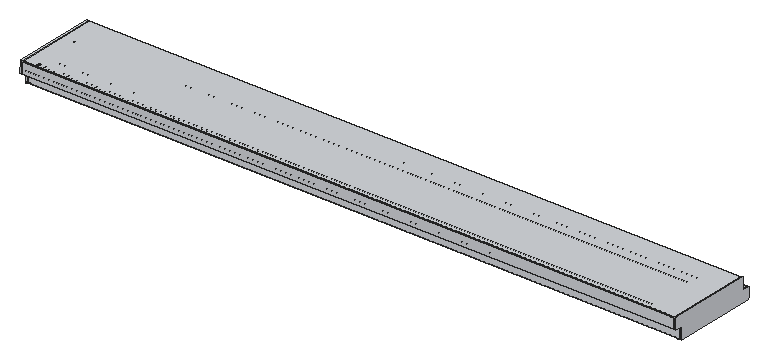
Revit family "135 HI SPAN LOUVRE BLADE-END FIXED", category Generic Models, Revit 2018
Family settings
  Can host rebar = No
  Round Connector Dimension = Use Diameter
  Part Type = Normal
  Work Plane-Based = No
  Always vertical = Yes
  Cut with Voids When Loaded = No
  Shared = No
  Room Calculation Point = No
Parameters
  PITCH [instance] = 0.00°
  M1 [instance] = LENGTH / 2 * cos(PITCH)  # 500 mm
  LOUVRE ANGLE [instance] = 0.00°
  LENGTH [instance] = 1000 mm
  END CAP [instance] = none
  135 HI SPAN LOUVRE BLADE [instance] = none
Reference planes
  plane 1 "Center (Front/Back)": y = 0
  plane 2: z = 0
  plane 3 "Center (Left/Right)": x = 0
  plane 4: x = 500
Lines and regions (mm)
  reference lines
    curve 1: line (0, 0, 0) -> (1000, 0, 0)
    curve 2: line (1000, 0, 26.476) -> (1000, 0, -13.524)
    curve 3: line (0, 0, -7.002) -> (0, 0, 6.998)
    curve 4: line (500, 0, 28.495) -> (500, 0, -31.505)
Dimensions and locks
  "LENGTH": curve 2 to curve 3
  "M1": plane 4 to plane 3 "Center (Left/Right)"
  "LENGTH": curve 1 to curve 1
  equal spacing: curve 2, curve 4, curve 3
  "PITCH": angle level to curve 1
  aligned and locked: level to plane 2
  aligned and locked: plane 3 "Center (Left/Right)" to curve 1
  aligned and locked: plane 2 to curve 1
Automatic sketch dimensions
  curve 1 to curve 3 = 0 mm
  curve 2 to curve 1 = 13.524 mm
  curve 3 to curve 1 = 7.002 mm
  curve 1 to curve 3 = 6.998 mm
  curve 1 to curve 2 = 26.476 mm
  curve 1 to curve 4 = 31.505 mm
  curve 4 to curve 1 = 28.495 mm
Nested families
  nested 1: "135 HI SPAN BLADE AND END CAP" at (500, 0, 0), END CAP <- "END CAP", LENGTH <- "LENGTH", BLADE <- "135 HI SPAN LOUVRE BLADE", LOUVRE BLADE ANGLE <- "LOUVRE ANGLE", type "135 HI SPAN BLADE AND END CAP"
    with LOUVRE BLADE ANGLE 0.00°, LENGTH 1000 mm, END CAP none, BLADE none
Definition of nested family "135 HI SPAN BLADE AND END CAP"
  Parameters (values of type "135 HI SPAN BLADE AND END CAP")
    LOUVRE BLADE ANGLE [instance] = 0.00°
    LENGTH [instance] = 1000 mm
    END CAP [instance] = none
    Default Elevation = 1219.2 mm
    BLADE [instance] = none
  Reference planes
    plane 1 "Center (Front/Back)": y = 0
    plane 2: z = 0
    plane 3 "Center (Left/Right)": x = 0
    plane 4: x = 497
    plane 5: x = 500
    plane 6: x = -497
    plane 7: x = -500
  Forms (mm)
    Extrusion 1, solid, material <- "BLADE"
      sketch origin (0, 0, 0) x (0, 1, 0) y (0, 0, 1)
        loop
          arc (-66.096, 1) -> (-65.698, 1.398) -> (-66.096, 1.797) r 0.398
          line (-66.096, 1.797) -> (-66.948, 1.797) -> (-66.948, 3.097) -> (-61.448, 3.097) -> (-61.448, 1.797) -> (-62.3, 1.797)
          arc (-62.3, 1.797) -> (-62.698, 1.398) -> (-62.3, 1) r 0.398
          line (-62.3, 1) -> (-58.748, 1) -> (-58.748, -16.227) -> (-57.475, -17.5) -> (67.459, -17.5) -> (68.752, -16.215) -> (68.752, -1) -> (58.752, -1) -> (58.752, 16.227) -> (57.479, 17.5) -> (-67.463, 17.5) -> (-68.748, 16.215) -> (-68.748, 1) -> (-66.096, 1)
        loop
          line (66.952, -15.2) -> (66.952, -2.8) -> (56.952, -2.8) -> (56.952, 15.7) -> (34.902, 15.7) -> (34.902, 1.5)
          arc (34.902, 1.5) -> (35.048, 1.146) -> (35.402, 1) r 0.5
          line (35.402, 1) -> (37.181, 1)
          arc (37.181, 1) -> (39.838, 3.775) -> (43.596, 2.979) r 3.95
          arc (43.596, 2.979) -> (43.684, 1.709) -> (42.414, 1.621) r 0.9
          arc (42.414, 1.621) -> (38.852, 0) -> (42.414, -1.621) r 2.15
          arc (42.414, -1.621) -> (43.684, -1.709) -> (43.596, -2.979) r 0.9
          arc (43.596, -2.979) -> (39.838, -3.775) -> (37.181, -1) r 3.95
          line (37.181, -1) -> (35.402, -1)
          arc (35.402, -1) -> (35.048, -1.146) -> (34.902, -1.5) r 0.5
          line (34.902, -1.5) -> (34.902, -15.7) -> (66.452, -15.7)
          arc (66.452, -15.7) -> (66.805, -15.554) -> (66.952, -15.2) r 0.5
        loop
          line (33.102, 1.5) -> (33.102, 15.7) -> (-33.098, 15.7) -> (-33.098, 1.5)
          arc (-33.098, 1.5) -> (-32.952, 1.146) -> (-32.598, 1) r 0.5
          line (-32.598, 1) -> (-30.82, 1)
          arc (-30.82, 1) -> (-28.163, 3.775) -> (-24.404, 2.979) r 3.95
          arc (-24.404, 2.979) -> (-24.317, 1.709) -> (-25.586, 1.621) r 0.9
          arc (-25.586, 1.621) -> (-29.148, 0) -> (-25.586, -1.621) r 2.15
          arc (-25.586, -1.621) -> (-24.317, -1.709) -> (-24.404, -2.979) r 0.9
          arc (-24.404, -2.979) -> (-28.163, -3.775) -> (-30.82, -1) r 3.95
          line (-30.82, -1) -> (-32.598, -1)
          arc (-32.598, -1) -> (-32.952, -1.146) -> (-33.098, -1.5) r 0.5
          line (-33.098, -1.5) -> (-33.098, -15.7) -> (33.102, -15.7) -> (33.102, -1.5)
          arc (33.102, -1.5) -> (32.956, -1.146) -> (32.602, -1) r 0.5
          line (32.602, -1) -> (30.823, -1)
          arc (30.823, -1) -> (28.166, -3.775) -> (24.408, -2.979) r 3.95
          arc (24.408, -2.979) -> (24.32, -1.709) -> (25.59, -1.621) r 0.9
          arc (25.59, -1.621) -> (29.152, 0) -> (25.59, 1.621) r 2.15
          arc (25.59, 1.621) -> (24.32, 1.709) -> (24.408, 2.979) r 0.9
          arc (24.408, 2.979) -> (28.166, 3.775) -> (30.823, 1) r 3.95
          line (30.823, 1) -> (32.602, 1)
          arc (32.602, 1) -> (32.956, 1.146) -> (33.102, 1.5) r 0.5
        loop
          line (-37.177, 1) -> (-35.398, 1)
          arc (-35.398, 1) -> (-35.045, 1.146) -> (-34.898, 1.5) r 0.5
          line (-34.898, 1.5) -> (-34.898, 15.7) -> (-66.448, 15.7)
          arc (-66.448, 15.7) -> (-66.802, 15.554) -> (-66.948, 15.2) r 0.5
          line (-66.948, 15.2) -> (-66.948, 4.896) -> (-59.198, 4.896) -> (-59.198, 2.8) -> (-56.948, 2.8) -> (-56.948, -15.7) -> (-34.898, -15.7) -> (-34.898, -1.5)
          arc (-34.898, -1.5) -> (-35.045, -1.146) -> (-35.398, -1) r 0.5
          line (-35.398, -1) -> (-37.177, -1)
          arc (-37.177, -1) -> (-39.834, -3.775) -> (-43.593, -2.979) r 3.95
          arc (-43.593, -2.979) -> (-43.68, -1.709) -> (-42.41, -1.621) r 0.9
          arc (-42.41, -1.621) -> (-38.848, 0) -> (-42.41, 1.621) r 2.15
          arc (-42.41, 1.621) -> (-43.68, 1.709) -> (-43.593, 2.979) r 0.9
          arc (-43.593, 2.979) -> (-39.834, 3.775) -> (-37.177, 1) r 3.95
      from -497 to 497
  Lines and regions (mm)
    reference lines
      curve 1: line (0, 0, 0) -> (0, 100, 0)
  Dimensions and locks
    locked: plane 4 to plane 5 at 3
    locked: plane 6 to plane 7 at 3
    equal spacing: plane 6, plane 3 "Center (Left/Right)", plane 4
    "LENGTH": plane 7 to plane 5
    "LOUVRE BLADE ANGLE": angle plane 2 to curve 1
    aligned and locked: level to plane 2
    aligned and locked: plane 1 "Center (Front/Back)" to curve 1
    aligned and locked: plane 2 to curve 1
    aligned and locked: Extrusion 1 to plane 6
    aligned and locked: Extrusion 1 to plane 4
  Automatic sketch dimensions
    Extrusion 1 sketch curve to Extrusion 1 sketch curve = 0 mm  (x37)
    Extrusion 1 sketch curve to curve 1 = 0 mm  (x2)
    curve 1 to Extrusion 1 sketch curve = 0 mm  (x2)
    Extrusion 1 sketch curve to curve 1 = 1 mm  (x5)
    Extrusion 1 sketch curve to curve 1 = 68.748 mm
    Extrusion 1 sketch curve to Extrusion 1 sketch curve = 1.285 mm  (x2)
    Extrusion 1 sketch curve to Extrusion 1 sketch curve = 1.8 mm  (x9)
    Extrusion 1 sketch curve to Extrusion 1 sketch curve = 0.5 mm  (x9)
    Extrusion 1 sketch curve to Extrusion 1 sketch curve = 0.852 mm  (x2)
    Extrusion 1 sketch curve to curve 1 = 1.797 mm
    Extrusion 1 sketch curve to Extrusion 1 sketch curve = 3.797 mm
    Extrusion 1 sketch curve to Extrusion 1 sketch curve = 2.25 mm  (x2)
    Extrusion 1 sketch curve to Extrusion 1 sketch curve = 3.552 mm
    Extrusion 1 sketch curve to Extrusion 1 sketch curve = 1.273 mm  (x3)
    Extrusion 1 sketch curve to curve 1 = 2.3 mm  (x4)
    Extrusion 1 sketch curve to Extrusion 1 sketch curve = 13.947 mm  (x2)
    Extrusion 1 sketch curve to Extrusion 1 sketch curve = 2.003 mm  (x6)
    curve 1 to Extrusion 1 sketch curve = 1 mm  (x2)
    Extrusion 1 sketch curve to Extrusion 1 sketch curve = 3.821 mm  (x4)
    Extrusion 1 sketch curve to Extrusion 1 sketch curve = 1.779 mm  (x8)
    curve 1 to Extrusion 1 sketch curve = 24.999 mm
    Extrusion 1 sketch curve to curve 1 = 1.5 mm
    Extrusion 1 sketch curve to curve 1 = 17.5 mm
    Extrusion 1 sketch curve to Extrusion 1 sketch curve = 0.527 mm  (x2)
    Extrusion 1 sketch curve to Extrusion 1 sketch curve = 9.5 mm
    Extrusion 1 sketch curve to Extrusion 1 sketch curve = 1.007 mm
    Extrusion 1 sketch curve to Extrusion 1 sketch curve = 1.293 mm
    curve 1 to Extrusion 1 sketch curve = 2.3 mm  (x4)
    Extrusion 1 sketch curve to Extrusion 1 sketch curve = 12.4 mm
    curve 1 to Extrusion 1 sketch curve = 15.7 mm
    Extrusion 1 sketch curve to Extrusion 1 sketch curve = 1.015 mm
    curve 1 to Extrusion 1 sketch curve = 1.5 mm  (x3)
    Extrusion 1 sketch curve to Extrusion 1 sketch curve = 0.797 mm
    Extrusion 1 sketch curve to Extrusion 1 sketch curve = 0.398 mm
    Extrusion 1 sketch curve to Extrusion 1 sketch curve = 1.3 mm
    Extrusion 1 sketch curve to Extrusion 1 sketch curve = 2.096 mm
    Extrusion 1 sketch curve to Extrusion 1 sketch curve = 2.3 mm
    Extrusion 1 sketch curve to Extrusion 1 sketch curve = 14.2 mm
    Extrusion 1 sketch curve to Extrusion 1 sketch curve = 0.591 mm  (x5)
  Nested families
    nested 1: "END CAP" at (-497, 0, 0) x (0, 1, 0) z (-1, 0, 0), type "END CAP"
    nested 2: "END CAP" at (497, 0, 0) x (0, -1, 0) z (1, 0, 0), type "END CAP"
  Definition of nested family "END CAP"
    Parameters (values of type "END CAP")
      END CAP = none
      Default Elevation = 1219.2 mm
      10G SCREW = none
    Reference planes
      plane 1 "Center (Front/Back)": y = 0
      plane 2: z = 0
      plane 3 "Center (Left/Right)": x = 0
    Forms (mm)
      Extrusion 1, solid
        sketch origin (0, 0, 0) x (1, 0, 0) y (0, 1, 0)
          loop
            line (-1219.2, 1219.2) -> (-1219.2, -1219.2) -> (1219.2, -1219.2) -> (1219.2, 1219.2) -> (-1219.2, 1219.2)
        from 0 to -304.8
      Extrusion 2, solid, material <- "END CAP"
        sketch origin (447.122, -155.363, 0) x (1, 0, 0) y (0, 1, 0)
          loop
            line (-378.372, 154.363) -> (-388.372, 154.363) -> (-388.372, 171.591) -> (-389.644, 172.863) -> (-514.579, 172.863) -> (-515.872, 171.578) -> (-515.872, 156.363) -> (-505.872, 156.363) -> (-505.872, 139.136) -> (-504.599, 137.863) -> (-379.657, 137.863) -> (-378.372, 139.149) -> (-378.372, 154.363)
        from 0 to 3
    Dimensions and locks
      aligned and locked: plane 2 to Extrusion 1
      aligned and locked: level to Extrusion 1
